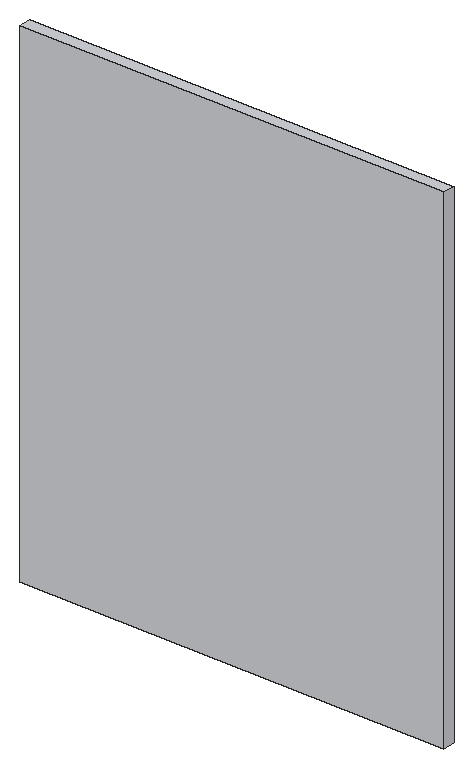
Revit family "Front - Plain", category Casework, Revit 2019
Family settings
  Work Plane-Based = No
  Always vertical = Yes
  Cut with Voids When Loaded = No
  Shared = No
  Room Calculation Point = No
Parameters (values of type "Front - Plain")
  Width = 600 mm
  Swing = yes
  Height = 704 mm
  Front Finish = none
  Depth = 16 mm
  Creator Organization [instance] = "© Danish Educational Content"  # constant formula
  Creator Name [instance] = "© Erik Falck Jørgensen"  # constant formula
  Creator Build [instance] = "2018.0420.0"  # constant formula
  Assembly Code = ""
Reference planes
  plane 1 "Front": y = 0
  plane 2: z = 0
  plane 3 "Center (Left/Right)": x = 0
  plane 4: x = -300
  plane 5: x = 300
  plane 6: z = 704
Forms (mm)
  Extrusion 1, solid, material <- "Front Finish"
    sketch origin (0, 0, 0) x (1, 0, 0) y (0, 0, 1)
      loop
        line (-297, 701) -> (-297, 3) -> (297, 3) -> (297, 701) -> (-297, 701)
    from 0 to 16 <- "Depth"
Lines and regions (mm)
  reference lines
    curve 1: line (-300, 0, 0) -> (392.82, -400, 0)
  symbolic lines, style "Elevation Swing", visible <- "Swing"
    curve 2: line (-300, 0, 0) -> (219.615, -300, 0)
    curve 3: arc (300, 0, 0) -> (279.555, -155.291, 0) -> (219.615, -300, 0) r 600
Dimensions and locks
  equal spacing: plane 4, plane 3 "Center (Left/Right)", plane 5
  "Width": plane 4 to plane 5
  "Height": plane 6 to plane 2
  locked: Extrusion 1 sketch curve to plane 2 at 3
  locked: plane 6 to Extrusion 1 sketch curve at 3
  locked: Extrusion 1 sketch curve to plane 4 at 3
  locked: plane 5 to Extrusion 1 sketch curve at 3
  locked: curve 1 to plane 1 "Front" (angle 30.00°)
  aligned and locked: level to plane 2
  aligned and locked: curve 2 to curve 1
Automatic sketch dimensions
  plane 1 "Front" to curve 1 = 0 mm
  curve 1 to plane 4 = 0 mm
  plane 1 "Front" to curve 3 = 0 mm
  curve 3 to plane 4 = 0 mm
  plane 1 "Front" to curve 2 = 0 mm
  curve 3 to plane 5 = 0 mm
